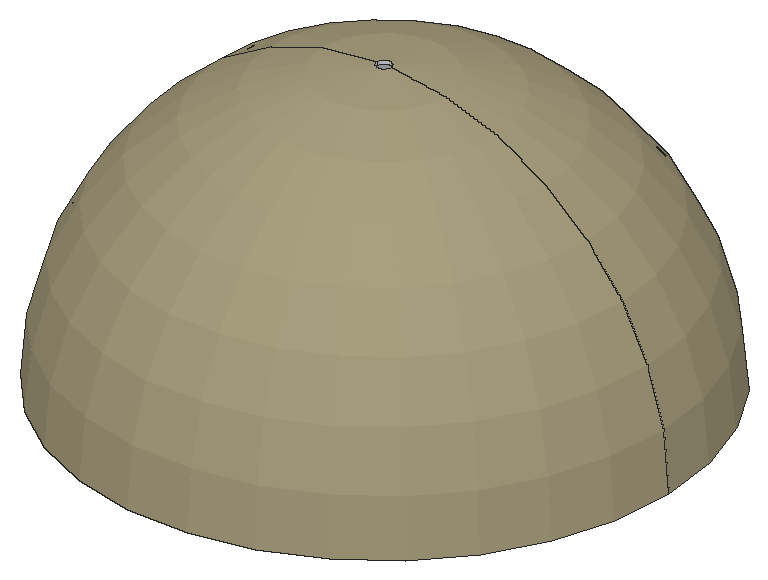
Revit family "HD20 SHADE", category Lighting Fixtures, Revit 2024
Family settings
  Round Connector Dimension = Use Diameter
  Part Type = Normal
  OmniClass Number = 23.80.70.00
  OmniClass Title = Lighting
  Work Plane-Based = No
  Always vertical = Yes
  Cut with Voids When Loaded = No
  Light Source = Yes
  Maintain Annotation Orientation = No
  Shared = No
  Room Calculation Point = No
Parameters
  Wattage = 12.1178 W
  built-in parameter 1150110 = 1 (stored number, unit not read)
  built-in parameter 1114217 = 1 (stored number, unit not read)
  built-in parameter 1150109 = 1 (stored number, unit not read)
  built-in parameter 1150134 = (empty or 0)
  built-in parameter 1150113 = 1 (stored number, unit not read)
  Lumens = 1800 lm
  built-in parameter 1150115 = 1 (stored number, unit not read)
  built-in parameter 1150105 = 572.96 (stored number, unit not read)
  Light Source Symbol Size = 2' - 0"
  built-in parameter 1150137 = (empty or 0)
  built-in parameter 1150139 = (empty or 0)
  built-in parameter 1150112 = 1 (stored number, unit not read)
  built-in parameter 1150114 = 1 (stored number, unit not read)
  built-in parameter 1150132 = 2
  built-in parameter 1150102 = (empty or 0)
  built-in parameter 1150138 = (empty or 0)
  built-in parameter 1150107 = 3000 (stored number, unit not read)
  built-in parameter 1150106 = 5.7296 (stored number, unit not read)
  built-in parameter 1150104 = 13.8 (stored number, unit not read)
  Dimming Lamp Color Temperature Shift = (empty or 0)
  Default Elevation = 0' - 0"
  Color Filter = 16777215
  built-in parameter 1114218 = 1 (stored number, unit not read)
  built-in parameter 1150133 = 10 (stored number, unit not read)
Reference planes (in)
  plane 1 "Light Source Axis (F/B)": y = 0
  plane 2: z = 0
  plane 3 "Light Source Axis (L/R)": x = 0
  plane 4 "Light Source Elevation": z = 54
Forms (in)
  Revolve 1, solid
    sketch origin (0, 0, 0) x (1, 0, 0) y (0, 0, 1)
      loop
        arc (-0.25, 63.99687) -> (-7.15891, 60.98212) -> (-10, 54) r 10
        line (-10, 54) -> (-9.90625, 54)
        arc (-9.90625, 54) -> (-7.09261, 60.91582) -> (-0.25, 63.90309) r 9.90625
        line (-0.25, 63.90309) -> (-0.25, 63.99687)
      axis (0, 63.99687) -> (0, 54)
    angle from 0 to 360
Dimensions and locks (in)
  aligned and locked: plane 3 "Light Source Axis (L/R)" to imposter light
  aligned and locked: plane 1 "Light Source Axis (F/B)" to imposter light
  aligned and locked: plane 4 "Light Source Elevation" to imposter light
  aligned and locked: level to plane 2
